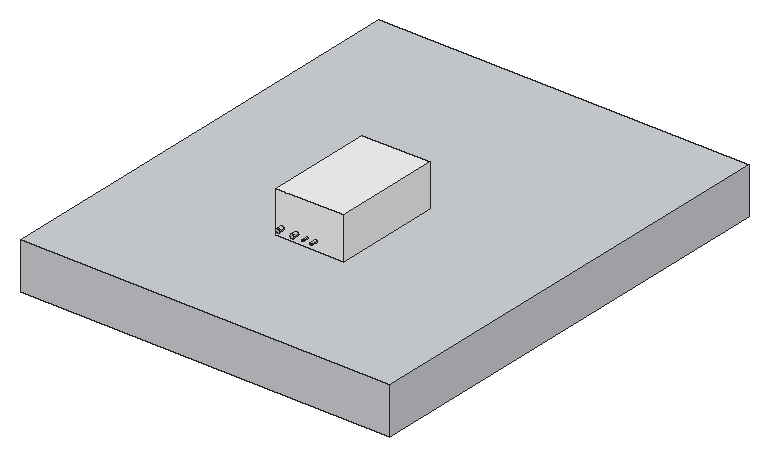
Revit family "RWLT-VNE_LOD_200", category Equipement de génie climatique, Revit 2016
Family settings
  Hôte = Face
  Type d'élément = Normal
  Cote de connecteur circulaire = Utiliser le diamètre
  Numéro OmniClass = 23.75.00.00
  Titre OmniClass = Climate Control (HVAC)
  Couper avec des vides une fois chargée = Non
  Partagée = Non
  Point de calcul de pièce = Non
Parameters (values of type "RWLT-3.0VNE")
  Usage Current = 0.6 A
  Unloaded Weight = 35.00 kg
  Sound power at rated load (dB(A)) = 37
  Running current with DHW tank = 13.4 A
  Refrigerant = "R410A"
  Product Code = "7E476005"
  Overall Width = 450.00 mm
  Overall Height = 712.00 mm
  Overall Depth = 275.00 mm
  Operation and service space b = 100.00 mm
  Operation and service space a = 150.00 mm
  Operation and service space = yes
  Number of Poles = "1"
  Nominal water flow (Water inlet 30°C Water outlet 35°C) = 4.13 m³/h
  Nominal Voltage = 230 V
  Model = "Hydro Free Low Temperature - RWLT"
  Minimum water flow rate (Heating) = 2.3 m³/h
  Minimum installationwater volume = 180.0 L
  Minimum allowable water pressure = 100000.0 Pa
  Minimum AC Voltage = 207 V
  Maximum water flow rate = 4.6 m³/h
  Minimum water flow rate (Cooling) = 2.5 m³/h
  Maximum allowable water pressure = 300000.0 Pa
  Maximum AC Voltage = 253 V
  Mass = 44.00 kg
  Liquid Diameter = 9.52 mm
  Inlet Water Diameter = 25.00 mm
  Height of pipes = 35.00 mm
  Heating Operation (Water Inlet 40° Water outlet 45°C) (OAT 7°C) = 31 kW
  Heating Operation (Water Inlet 30° Water outlet 35°C) (OAT 7°C) = 31 kW
  Gas Diameter = 15.88 mm
  Frequency = 50 Hz
  Distance liquide pipe = 208.50 mm
  Distance gas pipe = 264.00 mm
  Distance WOD = 138.00 mm
  Distance WID = 45.00 mm
  Diamètre Eau Sortie = 25.00 mm
  Description = "Hydro Free Low Temperature - RWLT"
  Cooling Operation (Water Inlet 23° Water outlet 18°) = 27 kW
  Cooling Operation (Water Inlet 12° Water outlet 7°) = 20.6 kW
  Fabricant = "HITACHI"
  Default Elevation = 1219.20 mm
  Commentaires du type = "RWLT-3.0VNE"
  Color = "Pure white (RAL 9010)"
Types (3, lengths in mm): name | Usage Current | Sound power at rated load (dB(A)) | Product Code | Overall Width | Overall Height | Overall Depth | Nominal water flow (Water inlet 30°C Water outlet 35°C) | Minimum water flow rate (Heating) | Minimum installationwater volume | Maximum water flow rate | Minimum water flow rate (Cooling) | Inlet Water Diameter | Heating Operation (Water Inlet 40° Water outlet 45°C) (OAT 7°C) | Heating Operation (Water Inlet 30° Water outlet 35°C) (OAT 7°C) | Gas Diameter | Distance liquide pipe | Distance gas pipe | Distance WOD | Distance WID | Diamètre Eau Sortie | Cooling Operation (Water Inlet 23° Water outlet 18°) | Cooling Operation (Water Inlet 12° Water outlet 7°) | Commentaires du type
  RWLT-3.0VNE | 0.6 A | 37 | "7E476005" | 450.00 | 712.00 | 275.00 | 4.13 m³/h | 2.3 m³/h | 180.0 L | 4.6 m³/h | 2.5 m³/h | 25.00 | 31 kW | 31 kW | 15.88 | 208.50 | 264.00 | 138.00 | 45.00 | 25.00 | 27 kW | 20.6 kW | "RWLT-3.0VNE"
  RWLT-5.0VNE | 0.3 A | 39 | "7E476008" | 520.00 | 890.00 | 360.00 | 2.41 m³/h | 1.3 m³/h | 150.0 L | 3.0 m³/h | 1.5 m³/h | 32.00 | 15 kW | 16 kW | 15.88 | 211.00 | 265.00 | 134.00 | 49.00 | 32.00 | 16 kW | 12.6 kW | "RWLT-5.0VNE"
  RWLT-10.0VNE | 0.6 A | 47 | "7E476011" | 670.00 | 890.00 | 360.00 | 4.13 m³/h | 2.3 m³/h | 180.0 L | 4.6 m³/h | 2.5 m³/h | 32.00 | 31 kW | 31 kW | 22.20 | 211.00 | 265.00 | 134.00 | 49.00 | 32.00 | 27 kW | 20.6 kW | "RWLT-10.0VNE"
Reference planes
  plane 1 "Centre (avant/arrière)": y = 0
  plane 2: z = 0
  plane 3 "Centre (gauche/droite)": x = 0
  plane 4 "AVANT": y = 356
  plane 5 "DROITE": x = 225
  plane 6 "GAUCHE": x = -225
  plane 7 "ARRIERE": y = -356
  plane 8: z = 275
Forms (mm)
  Extrusion 1, solid
    sketch origin (0, 0, 0) x (1, 0, 0) y (0, 1, 0)
      loop
        line (-1219.2, 1740) -> (-1219.2, -1219.2) -> (1219.2, -1219.2) -> (1219.2, 1740) -> (-1219.2, 1740)
    from 0 to -304.8
  Extrusion 2, solid, material "Color"
    sketch origin (0, 0, 0) x (1, 0, 0) y (0, 1, 0)
      loop
        line (-225, 356) -> (-225, -356) -> (225, -356) -> (225, 356) -> (-225, 356)
    from 0 to 275 <- "Overall Depth"
  Extrusion 3, solid
    sketch origin (0, -356, 0) x (1, 0, 0) y (0, 0, 1)
      loop
        circle (-180, 56) r 12.5
      loop
        circle (-87, 56) r 12.5
      loop
        circle (-16.5, 56) r 4.76
      loop
        circle (39, 56) r 7.94
    from 0 to 35 <- "Height of pipes"
Dimensions and locks
  equal spacing: plane 6 "GAUCHE", plane 3 "Centre (gauche/droite)", plane 5 "DROITE"
  equal spacing: plane 7 "ARRIERE", plane 1 "Centre (avant/arrière)", plane 4 "AVANT"
  "Overall Width": plane 6 "GAUCHE" to plane 5 "DROITE"
  "Overall Height": plane 4 "AVANT" to plane 7 "ARRIERE"
  "Overall Depth": plane 2 to plane 8
  "Distance WID": plane 6 "GAUCHE" to Extrusion 3 sketch curve
  "Distance liquide pipe": plane 6 "GAUCHE" to Extrusion 3 sketch curve
  "Distance gas pipe": plane 6 "GAUCHE" to Extrusion 3 sketch curve
  "Distance WOD": plane 6 "GAUCHE" to Extrusion 3 sketch curve
  "Liquid Diameter": diameter of Extrusion 3 sketch curve
  "Gas Diameter": diameter of Extrusion 3 sketch curve
  "Inlet Water Diameter": diameter of Extrusion 3 sketch curve
  "Diamètre Eau Sortie": diameter of Extrusion 3 sketch curve
  aligned and locked: plane 2 to Extrusion 1
  aligned and locked: level to Extrusion 1
  aligned and locked: Extrusion 2 sketch curve to plane 4 "AVANT"
  aligned and locked: Extrusion 2 sketch curve to plane 6 "GAUCHE"
  aligned and locked: Extrusion 2 sketch curve to plane 7 "ARRIERE"
  aligned and locked: Extrusion 2 sketch curve to plane 5 "DROITE"
Automatic sketch dimensions
  Extrusion 1 sketch curve to Extrusion 1 sketch curve = 2438.40 mm
  Extrusion 1 sketch curve to Extrusion 1 sketch curve = 2959.20 mm
  level to Extrusion 3 sketch curve = 56.00 mm  (x3)
  Extrusion 3 sketch curve to Extrusion 3 sketch curve = 0.00 mm
Connectors
  piping at (39, -391, 56), diameter 15.88, driven by "Gas Diameter"
    settings: on Extrusion 3, index 1, connector inside diameter 609.6 mm, connector length 0.00 mm, flow factor 0, pipe flow 0.0 m³/h, pressure drop 0.0 Pa, fitting loss kfactor 0, connector angle 0.00°, fixture units 0, engagement length 0.00 mm, angle of deflection 0.00°, flow configuration 0, flow direction 1, fitting loss method 0, system type 29, joint type 0, gender type 0, connector reference index -1, connector utility 0, adjustable connector no, is connector primary yes, connector description ""
  piping at (-16.5, -391, 56), diameter 9.52, driven by "Liquid Diameter"
    settings: on Extrusion 3, index 2, connector inside diameter 609.6 mm, connector length 0.00 mm, flow factor 0, pipe flow 0.0 m³/h, pressure drop 0.0 Pa, fitting loss kfactor 0, connector angle 0.00°, fixture units 0, engagement length 0.00 mm, angle of deflection 0.00°, flow configuration 0, flow direction 1, fitting loss method 0, system type 29, joint type 0, gender type 0, connector reference index -1, connector utility 0, adjustable connector no, is connector primary no, connector description ""
  piping at (-87, -391, 56), diameter 25, driven by "Diamètre Eau Sortie"
    settings: on Extrusion 3, index 3, connector inside diameter 609.6 mm, connector length 0.00 mm, flow factor 0, pipe flow 0.0 m³/h, pressure drop 0.0 Pa, fitting loss kfactor 0, connector angle 0.00°, fixture units 0, engagement length 0.00 mm, angle of deflection 0.00°, flow configuration 0, flow direction 2, fitting loss method 0, system type 8, joint type 0, gender type 0, connector reference index -1, connector utility 0, adjustable connector no, is connector primary no, connector description ""
  piping at (-180, -391, 56), diameter 25, driven by "Inlet Water Diameter"
    settings: on Extrusion 3, index 4, connector inside diameter 609.6 mm, connector length 0.00 mm, flow factor 0, pipe flow 0.0 m³/h, pressure drop 0.0 Pa, fitting loss kfactor 0, connector angle 0.00°, fixture units 0, engagement length 0.00 mm, angle of deflection 0.00°, flow configuration 0, flow direction 1, fitting loss method 0, system type 7, joint type 0, gender type 0, connector reference index -1, connector utility 0, adjustable connector no, is connector primary no, connector description ""
